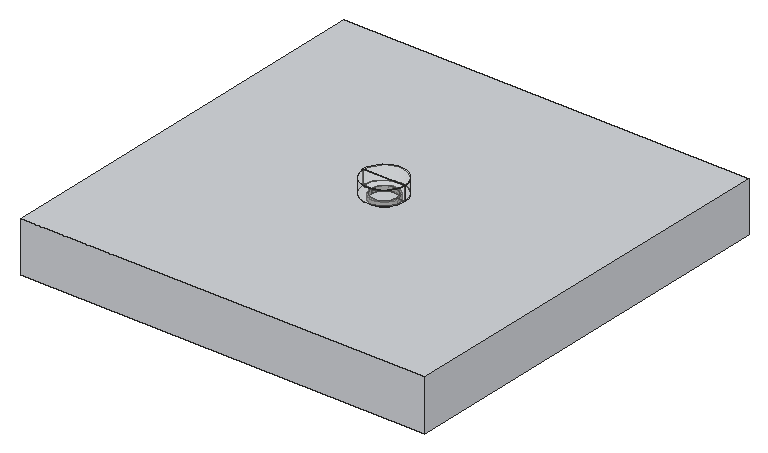
Revit family "M_Iluminação de forro - Redonda plana", category Luminárias, Revit 2019
Family settings
  Hospedeiro = Face
  Cota do conector redondo = Utilizar diâmetro
  Tipo de parte = Normal
  Número OmniClass = 23.80.70.11.11
  Título OmniClass = General Luminaries, Non Directional
  ID de item do Seek = Ceiling Light - Flat Round-0000-CAN-ENU
  Corte com vazios quando carregada = Não
  Fonte luminosa = Sim
  Compartilhado = Não
  Ponto de cálculo do ambiente = Não
Parameters (values of type "100W - 120V")
  Wattage = 100 W
  built-in parameter 1150110 = 1 (stored number, unit not read)
  built-in parameter 1150109 = 1 (stored number, unit not read)
  built-in parameter 1150134 = 4
  built-in parameter 1150113 = 1 (stored number, unit not read)
  Tilt Angle = -90.00°
  built-in parameter 1150115 = 1 (stored number, unit not read)
  built-in parameter 1150105 = 139.26 (stored number, unit not read)
  Classificação de carga = Iluminação - Unidade de interrupção
  built-in parameter 1150137 = 1
  built-in parameter 1150139 = (empty or 0)
  Material da caixa de luz = Aço, acabamento de pintura, cinza escuro, fosco
  built-in parameter 1150112 = 1 (stored number, unit not read)
  built-in parameter 1150114 = 1 (stored number, unit not read)
  built-in parameter 1150132 = (empty or 0)
  built-in parameter 1150102 = (empty or 0)
  built-in parameter 1150138 = (empty or 0)
  built-in parameter 1150107 = 2800 (stored number, unit not read)
  built-in parameter 1150106 = 1.3926 (stored number, unit not read)
  Emitir do diâmetro do círculo = 254 mm
  Emit Shape Visible in Rendering = no
  built-in parameter 1150104 = 1.6258 (stored number, unit not read)
  Dimming Lamp Color Temperature Shift = (empty or 0)
  Material do difusor = Vidro, Branco, Alta Luminosidade
  Lumens = 1750 lm
  built-in parameter 1114217 = 1 (stored number, unit not read)
  Lâmpada = "A-19"
  Arquivo de rede fotométrica = "CLFR1A21.ies"
  Elevação-padrão = 1200 mm
  Color Filter = 16777215
  built-in parameter 1140040 [instance] = 1
  Voltagem do transformador = 120 V
  Transformador por número de postes = 1
  built-in parameter 1114218 = 1 (stored number, unit not read)
  built-in parameter 1150133 = 10 (stored number, unit not read)
  Código de montagem = "D5020220"
  Carga aparente = 100 VA
Types (5, lengths in mm): name | Wattage | built-in parameter 1150105 | built-in parameter 1150106 | built-in parameter 1150104 | Lumens | Lâmpada | Arquivo de rede fotométrica | Voltagem do transformador | Carga aparente
  (no name) | 100 W | 139.26 (stored number, unit not read) | 1.3926 (stored number, unit not read) | 1.6258 (stored number, unit not read) | 1750 lm | "A-19" | "CLFR1A21.ies" | 120 V | 100 VA
  60W - 120V | 60 W | 68.039 (stored number, unit not read) | 0.68039 (stored number, unit not read) | 1.3239 (stored number, unit not read) | 855 lm | "A-19" | "CLFR1A19.ies" | 120 V | 60 VA
  60W - 277V | 60 W | 68.039 (stored number, unit not read) | 0.68039 (stored number, unit not read) | 1.3239 (stored number, unit not read) | 855 lm | "A-19" | "CLFR1A19.ies" | 277 V | 60 VA
  100W - 120V | 100 W | 139.26 (stored number, unit not read) | 1.3926 (stored number, unit not read) | 1.6258 (stored number, unit not read) | 1750 lm | "A-19" | "CLFR1A21.ies" | 120 V | 100 VA
  100W - 277V | 100 W | 139.26 (stored number, unit not read) | 1.3926 (stored number, unit not read) | 1.6258 (stored number, unit not read) | 1750 lm | "A-21" | "CLFR1A21.ies" | 277 V | 100 VA
Reference planes
  plane 1 "Centro (Frente/Trás)": y = 0
  plane 2: z = 0
  plane 3 "Centro (Esquerda/Direita)": x = 0
  plane 4: z = 25.4
  plane 5: z = 114.3
  plane 6: x = -127
  plane 7: x = -123.825
  plane 8: z = 111.125
  plane 9: x = -76.2
  plane 10: x = -73.025
  plane 11: z = 28.575
Forms (mm)
  Extrusion 1, solid
    sketch origin (0, 0, 0) x (1, 0, 0) y (0, 1, 0)
      loop
        line (-1219.2, 1219.2) -> (-1219.2, -1219.2) -> (1219.2, -1219.2) -> (1219.2, 1219.2) -> (-1219.2, 1219.2)
    from 0 to -304.8
  Revolve 2, solid, material "Vidro, Branco, Alta Luminosidade" <- "Material do difusor"
    sketch origin (0, 0, 0) x (1, 0, 0) y (0, 0, 1)
      loop
        line (0, 114.3) -> (-127, 114.3) -> (-127, 25.4) -> (-76.2, 25.4) -> (-76.2, 0) -> (-73.025, 0) -> (-73.025, 28.575) -> (-123.825, 28.575) -> (-123.825, 111.125) -> (0, 111.125) -> (0, 114.3)
      axis (0, 114.3) -> (0, 0)
    angle from 0 to 360
  Extrusion 3, solid, material "Aço, acabamento de pintura, cinza escuro, fosco" <- "Material da caixa de luz"
    sketch origin (0, 0, 0) x (1, 0, 0) y (0, 1, 0)
      loop
        circle (0, 0) r 82.55
      loop
        circle (0, 0) r 76.2
    from 0 to 25.4
Dimensions and locks
  locked: plane 4 to plane 2 at 25.4
  locked: plane 5 to plane 4 at 88.9
  locked: plane 3 "Centro (Esquerda/Direita)" to plane 6 at 127
  locked: plane 7 to plane 6 at 3.175
  locked: plane 3 "Centro (Esquerda/Direita)" to plane 9 at 76.2
  locked: plane 10 to plane 9 at 3.175
  locked: plane 5 to plane 8 at 3.175
  locked: plane 11 to plane 4 at 3.175
  radius of Extrusion 3 sketch curve = 76.2 mm
  radius of Extrusion 3 sketch curve = 82.55 mm
  aligned and locked: plane 2 to Extrusion 1
  aligned and locked: level to Extrusion 1
  aligned and locked: plane 3 "Centro (Esquerda/Direita)" to imposter light
  aligned and locked: plane 1 "Centro (Frente/Trás)" to imposter light
  aligned and locked: plane 1 "Centro (Frente/Trás)" to Extrusion 3 sketch curve  (x2)
  aligned and locked: plane 3 "Centro (Esquerda/Direita)" to Extrusion 3 sketch curve  (x2)
  aligned and locked: plane 4 to Extrusion 3
  aligned and locked: Extrusion 3 to plane 2
  aligned and locked: Revolve 2 to plane 5
  aligned and locked: Revolve 2 to plane 2
  aligned and locked: plane 4 to imposter light
Connectors
  electrical at (0, 0, 114.3), driven by "Voltagem do transformador", driven by "Transformador por número de postes", driven by "Carga aparente", driven by "Classificação de carga"
    settings: on Revolve 2, index 1, voltage 120 V, apparent load 0 VA, apparent load phase1 100 VA, apparent load phase2 0 VA, apparent load phase3 0 VA, power factor 0.95, load classification "Iluminação - Unidade de interrupção", number of poles 1, system type 31, power factor state 1, is connector primary yes, connector utility no, sub classification motor no, connector description ""
